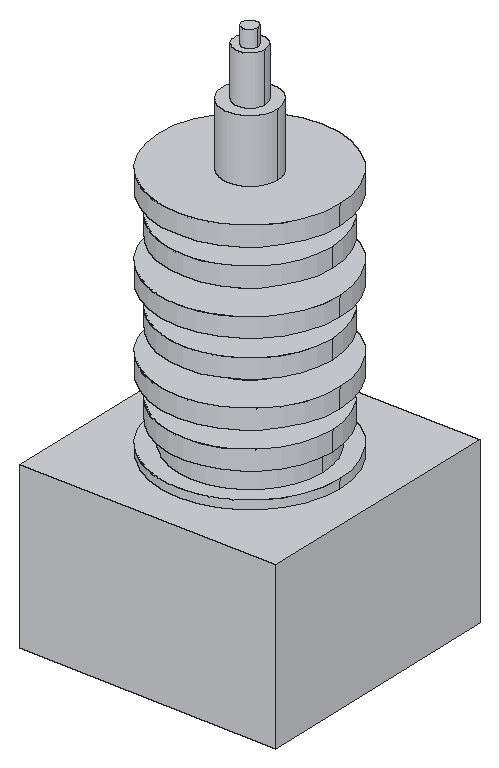
Revit family "GIS_VoltageTransformer", category Equipamento elétrico, Revit 2027
Family settings
  Configuração do painel = Duas colunas, circuitos transversais
  Cota do conector redondo = Utilizar diâmetro
  Tipo de parte = Painel de controle
  Com base no plano de trabalho = Não
  Sempre na vertical = Sim
  Corte com vazios quando carregada = Não
  Manter orientação da anotação = Não
  Compartilhado = Não
  Ponto de cálculo do ambiente = Não
Parameters (values of type "GIS_VT_145KV_STUDY")
  Default Elevation = 0 mm
  built-in parameter 1140142 [instance] = (empty or 0)
  built-in parameter 1140140 [instance] = 1 (stored number, unit not read)
  BIM_TensaoSecundaria_kV = 0
  BIM_TensaoNominal_kV = 138
  BIM_TensaoClasse_kV = 145
  BIM_TensaoClasseSecundaria_kV = 0
  BIM_TensaoAuxiliarCA_kV = 0
  BIM_Sistema_Elemento [instance] = ""
  BIM_ReferenciaCatalogo = "Portfolio estimate; ratio/class pending utility data"
  BIM_Profundidade = 700 mm
  BIM_Potencia_MVA = 0
  BIM_Localizacao [instance] = ""
  BIM_Largura = 700 mm
  BIM_Impedancia_pu = 0
  BIM_FonteGeometria = "Portfolio estimate; ratio/class pending utility data"
  BIM_Fabricante = "NAO SELECIONADO"
  BIM_EstadoGeometria = "ESTIMATED"
  BIM_EstadoEspecificacao = "PREMISSA / NAO SELECIONADO"
  BIM_DescricaoEstudo = "Transformador de potencial GIS; relacao, classe e carga nao selecionadas."
  BIM_CorrenteReferenciaSecundaria_A = 0
  BIM_CorrenteNominal_A = 0
  BIM_Bay [instance] = ""
  BIM_AlturaCorpoPrincipal = 450 mm
  BIM_Altura = 1500 mm
  built-in parameter 1155100 [instance] = (empty or 0)
Reference planes
  plane 1 "Centro (Frente/Trás)": y = 0
  plane 2: z = 0
  plane 3 "Centro (Esquerda/Direita)": x = 0
  plane 4 "BIM Left": x = -350
  plane 5 "BIM Right": x = 350
  plane 6 "BIM Front": y = -350
  plane 7 "BIM Back": y = 350
Forms (mm)
  Extrusion 1, solid
    sketch origin (0, 0, 0) x (1, 0, 0) y (0, 1, 0)
      loop
        line (-350, -350) -> (350, -350) -> (350, 350) -> (-350, 350) -> (-350, -350)
    from 0 to 450 <- "BIM_AlturaCorpoPrincipal"
  Extrusion 2, solid
    sketch origin (0, 0, 150) x (1, 0, 0) y (0, 1, 0)
      loop
        line (-231, -231) -> (231, -231) -> (231, 231) -> (-231, 231) -> (-231, -231)
    from 0 to 180
  Extrusion 3, solid
    sketch origin (0, 0, 285) x (1, 0, 0) y (0, 1, 0)
      loop
        circle (0, 0) r 199.5
    from 0 to 240
  Extrusion 4, solid
    sketch origin (0, 0, 420) x (1, 0, 0) y (0, 1, 0)
      loop
        circle (0, 0) r 247.8
    from 0 to 52.5
  Extrusion 5, solid
    sketch origin (0, 0, 532.5) x (1, 0, 0) y (0, 1, 0)
      loop
        circle (0, 0) r 226.8
    from 0 to 52.5
  Extrusion 6, solid
    sketch origin (0, 0, 645) x (1, 0, 0) y (0, 1, 0)
      loop
        circle (0, 0) r 247.8
    from 0 to 52.5
  Extrusion 7, solid
    sketch origin (0, 0, 757.5) x (1, 0, 0) y (0, 1, 0)
      loop
        circle (0, 0) r 226.8
    from 0 to 52.5
  Extrusion 8, solid
    sketch origin (0, 0, 870) x (1, 0, 0) y (0, 1, 0)
      loop
        circle (0, 0) r 247.8
    from 0 to 52.5
  Extrusion 9, solid
    sketch origin (0, 0, 982.5) x (1, 0, 0) y (0, 1, 0)
      loop
        circle (0, 0) r 226.8
    from 0 to 52.5
  Extrusion 10, solid
    sketch origin (0, 0, 1095) x (1, 0, 0) y (0, 1, 0)
      loop
        circle (0, 0) r 247.8
    from 0 to 52.5
  Extrusion 11, solid
    sketch origin (0, 0, 465) x (1, 0, 0) y (0, 1, 0)
      loop
        circle (0, 0) r 121.8
    from 0 to 675
  Extrusion 12, solid
    sketch origin (0, 0, 1140) x (1, 0, 0) y (0, 1, 0)
      loop
        circle (0, 0) r 75.6
    from 0 to 180
  Extrusion 13, solid
    sketch origin (0, 0, 1320) x (1, 0, 0) y (0, 1, 0)
      loop
        circle (0, 0) r 42
    from 0 to 135
  Extrusion 14, solid
    sketch origin (0, 0, 1455) x (1, 0, 0) y (0, 1, 0)
      loop
        circle (0, 0) r 21
    from 0 to 45
Dimensions and locks
  "BIM_Largura": plane 4 "BIM Left" to plane 5 "BIM Right"
  "BIM_Profundidade": plane 6 "BIM Front" to plane 7 "BIM Back"
  aligned and locked: level to plane 2
  aligned and locked: plane 4 "BIM Left" to Extrusion 1
  aligned and locked: Extrusion 1 to plane 5 "BIM Right"
  aligned and locked: Extrusion 1 to plane 6 "BIM Front"
  aligned and locked: plane 7 "BIM Back" to Extrusion 1
Automatic sketch dimensions
  Extrusion 1 sketch curve to plane 4 "BIM Left" = 0 mm
  Extrusion 1 sketch curve to plane 5 "BIM Right" = 0 mm
  Extrusion 1 sketch curve to plane 6 "BIM Front" = 0 mm
  Extrusion 1 sketch curve to plane 7 "BIM Back" = 0 mm
  Extrusion 2 sketch curve to plane 4 "BIM Left" = 119 mm
  plane 5 "BIM Right" to Extrusion 2 sketch curve = 119 mm
  plane 6 "BIM Front" to Extrusion 2 sketch curve = 119 mm
  Extrusion 2 sketch curve to plane 7 "BIM Back" = 119 mm
  Extrusion 3 sketch curve to Extrusion 3 sketch curve = 0 mm  (x2)
  plane 1 "Centro (Frente/Trás)" to Extrusion 3 sketch curve = 0 mm
  Extrusion 3 sketch curve to plane 3 "Centro (Esquerda/Direita)" = 0 mm
  Extrusion 3 sketch curve to plane 4 "BIM Left" = 150.5 mm
  Extrusion 4 sketch curve to Extrusion 4 sketch curve = 0 mm  (x2)
  plane 1 "Centro (Frente/Trás)" to Extrusion 4 sketch curve = 0 mm
  Extrusion 4 sketch curve to plane 3 "Centro (Esquerda/Direita)" = 0 mm
  Extrusion 4 sketch curve to plane 4 "BIM Left" = 102.2 mm
  Extrusion 5 sketch curve to Extrusion 5 sketch curve = 0 mm  (x2)
  plane 1 "Centro (Frente/Trás)" to Extrusion 5 sketch curve = 0 mm
  Extrusion 5 sketch curve to plane 3 "Centro (Esquerda/Direita)" = 0 mm
  Extrusion 5 sketch curve to plane 4 "BIM Left" = 123.2 mm
  Extrusion 6 sketch curve to Extrusion 6 sketch curve = 0 mm  (x2)
  plane 1 "Centro (Frente/Trás)" to Extrusion 6 sketch curve = 0 mm
  Extrusion 6 sketch curve to plane 3 "Centro (Esquerda/Direita)" = 0 mm
  Extrusion 6 sketch curve to plane 4 "BIM Left" = 102.2 mm
  Extrusion 7 sketch curve to Extrusion 7 sketch curve = 0 mm  (x2)
  plane 1 "Centro (Frente/Trás)" to Extrusion 7 sketch curve = 0 mm
  Extrusion 7 sketch curve to plane 3 "Centro (Esquerda/Direita)" = 0 mm
  Extrusion 7 sketch curve to plane 4 "BIM Left" = 123.2 mm
  Extrusion 8 sketch curve to Extrusion 8 sketch curve = 0 mm  (x2)
  plane 1 "Centro (Frente/Trás)" to Extrusion 8 sketch curve = 0 mm
  Extrusion 8 sketch curve to plane 3 "Centro (Esquerda/Direita)" = 0 mm
  Extrusion 8 sketch curve to plane 4 "BIM Left" = 102.2 mm
  Extrusion 9 sketch curve to Extrusion 9 sketch curve = 0 mm  (x2)
  plane 1 "Centro (Frente/Trás)" to Extrusion 9 sketch curve = 0 mm
  Extrusion 9 sketch curve to plane 3 "Centro (Esquerda/Direita)" = 0 mm
  Extrusion 9 sketch curve to plane 4 "BIM Left" = 123.2 mm
  Extrusion 10 sketch curve to Extrusion 10 sketch curve = 0 mm  (x2)
  plane 1 "Centro (Frente/Trás)" to Extrusion 10 sketch curve = 0 mm
  Extrusion 10 sketch curve to plane 3 "Centro (Esquerda/Direita)" = 0 mm
  Extrusion 10 sketch curve to plane 4 "BIM Left" = 102.2 mm
  Extrusion 11 sketch curve to Extrusion 11 sketch curve = 0 mm  (x2)
  plane 1 "Centro (Frente/Trás)" to Extrusion 11 sketch curve = 0 mm
  Extrusion 11 sketch curve to plane 3 "Centro (Esquerda/Direita)" = 0 mm
  Extrusion 11 sketch curve to plane 3 "Centro (Esquerda/Direita)" = 121.8 mm
  Extrusion 12 sketch curve to Extrusion 12 sketch curve = 0 mm  (x2)
  plane 1 "Centro (Frente/Trás)" to Extrusion 12 sketch curve = 0 mm
  Extrusion 12 sketch curve to plane 3 "Centro (Esquerda/Direita)" = 0 mm
  Extrusion 12 sketch curve to plane 3 "Centro (Esquerda/Direita)" = 75.6 mm
  Extrusion 13 sketch curve to Extrusion 13 sketch curve = 0 mm  (x2)
  plane 1 "Centro (Frente/Trás)" to Extrusion 13 sketch curve = 0 mm
  Extrusion 13 sketch curve to plane 3 "Centro (Esquerda/Direita)" = 0 mm
  Extrusion 13 sketch curve to plane 3 "Centro (Esquerda/Direita)" = 42 mm
  Extrusion 14 sketch curve to Extrusion 14 sketch curve = 0 mm  (x2)
  plane 1 "Centro (Frente/Trás)" to Extrusion 14 sketch curve = 0 mm
  Extrusion 14 sketch curve to plane 3 "Centro (Esquerda/Direita)" = 0 mm
  Extrusion 14 sketch curve to plane 3 "Centro (Esquerda/Direita)" = 21 mm
